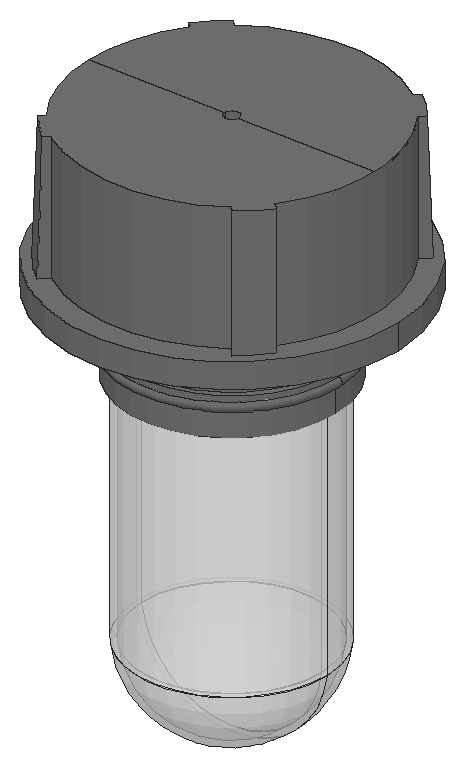
Revit family "Vaportite - Ceiling(VTC) 100w MB 16w LED", category Lighting Fixtures, Revit 2020
Family settings
  Round Connector Dimension = Use Diameter
  Part Type = Normal
  OmniClass Number = 23.80.70.00
  OmniClass Title = Lighting
  Work Plane-Based = No
  Always vertical = Yes
  Cut with Voids When Loaded = No
  Light Source = Yes
  Shared = No
  Room Calculation Point = No
Parameters (values of type "VTC100GL")
  Weight = "4 lbs"
  Wattage Comments = "16W"
  Wattage = 1.6 W
  Warranty = "5 year limited warranty"  # constant formula
  built-in parameter 1150110 = 1 (stored number, unit not read)
  Voltage = 277 V  # constant formula
  VTC100GL = yes
  URL = "https://www.anplighting.com/assets/Uploads/product-attachments/specification-sheets/ANP-Specification-Sheet-RLM-LED-VTC100GL.pdf"
  built-in parameter 1114217 = 1 (stored number, unit not read)
  Tilt Angle = 90.00°
  built-in parameter 1150109 = 1 (stored number, unit not read)
  built-in parameter 1150134 = 12
  built-in parameter 1150113 = 1 (stored number, unit not read)
  Power Factor = 1
  Placement X axis side [instance] = 0' - 0"  # constant formula
  Photometric Web File = "generic.ies"
  Model = "VTC100GL"
  Manufacturer = "ANP Lighting"  # constant formula
  built-in parameter 1150105 = 159.15 (stored number, unit not read)
  Lumens = 2000 lm
  built-in parameter 1150115 = 1 (stored number, unit not read)
  Load Classification = Lighting
  Light Source Height [instance] = 0' - 6 1/4"  # constant formula
  built-in parameter 1150137 = (empty or 0)
  built-in parameter 1150139 = (empty or 0)
  Light Elevation _2 [instance] = 0' - 1 137/256"  # constant formula
  Light Elevation _1 [instance] = 0' - 0 7/8"  # constant formula
  Light Elevation [instance] = 0' - 0"  # constant formula
  Life = "L70 50,000 hours"  # constant formula
  built-in parameter 1150112 = 1 (stored number, unit not read)
  built-in parameter 1150114 = 1 (stored number, unit not read)
  Lamp = "LED"
  built-in parameter 1150132 = 2
  built-in parameter 1150102 = (empty or 0)
  built-in parameter 1150107 = 4000 (stored number, unit not read)
  built-in parameter 1150138 = (empty or 0)
  built-in parameter 1150106 = 1.5915 (stored number, unit not read)
  INSIDE BODY = INSIDE BODY
  HUB = Texture Black
  Fixture Height = 0' - 9 3/4"
  Fixture Diameter = 0' - 5 7/8"
  Efficiency = "65-125 lumens per watt"  # constant formula
  built-in parameter 1150104 = 116.13 (stored number, unit not read)
  Dimming Lamp Color Temperature Shift = <None>
  Dimming = "1%"  # constant formula
  Description = "120-277 Voltage"  # constant formula
  Default Elevation = 0' - 0"
  Construction Material = "Cast aluminum."  # constant formula
  Color Filter = 16777215
  CRI = ">90"  # constant formula
  Bulb = Bulb
  Body Material = body
  Body Colour = "Cast aluminium"  # constant formula
  built-in parameter 1114218 = 1 (stored number, unit not read)
  built-in parameter 1150133 = 10 (stored number, unit not read)
  Apparent Load = 16 VA
Reference planes (in)
  plane 1 "Light Source Axis (F/B)": y = 0
  plane 2: z = 0
  plane 3 "Light Source Axis (L/R)": x = 0
  plane 4 "Light Source Elevation": z = 0
  plane 5: z = 0
  plane 6: x = 0
  plane 7 "Bulb Position": z = -1.53516
  plane 8 "Canopy Position": z = -0.875
  plane 9 "IES": z = -7.78516
Dimensions and locks (in)
  "Light Elevation": plane 5 to plane 2
  "Placement X axis side": plane 6 to plane 3 "Light Source Axis (L/R)"
  "Light Elevation _2": plane 5 to plane 7 "Bulb Position"
  "Light Elevation _1": plane 5 to plane 8 "Canopy Position"
  "Light Source Height": plane 7 "Bulb Position" to plane 9 "IES"
  locked: plane 4 "Light Source Elevation" to plane 2
  aligned and locked: level to plane 2
  aligned and locked: imposter light to plane 9 "IES"
  aligned and locked: plane 6 to imposter light
  aligned and locked: plane 3 "Light Source Axis (L/R)" to nested 1
  aligned and locked: nested 1 to plane 5
Nested families (in)
  nested 1: "VTC100GL" at (0, 0, 0), visible <- "VTC100GL", Light Elevation <- "Light Elevation", Body <- "HUB", Bulb <- "Bulb", VTC100GL <- "VTC100GL", type "VTC100GL"
    with Light Elevation 0' - 0", Bulb Bulb, Body Texture Black
Definition of nested family "VTC100GL"
  Parameters (values of type "VTC100GL")
    VTC100GL [instance] = yes
    Light Elevation [instance] = 0' - 0"
    Default Elevation = 0' - 0"
    Bulb [instance] = none
    Body [instance] = none
  Reference planes (in)
    plane 1 "Center (Front/Back)": y = 0
    plane 2: z = 0
    plane 3 "Center (Left/Right)": x = 0
    plane 4: z = 0
    plane 5: z = -9.75
  Dimensions and locks (in)
    "Light Elevation": plane 4 to plane 2
    aligned and locked: plane 2 to level
    aligned and locked: plane 3 "Center (Left/Right)" to nested 1
    aligned and locked: plane 1 "Center (Front/Back)" to nested 1
    aligned and locked: plane 4 to nested 1
  Nested families (in)
    nested 1: "Family1" at (0, 0, -12.54462), Bulb <- "Bulb", Body <- "Body", visible <- "VTC100GL", VTC100GL <- "VTC100GL", type "Family1"
      with VTC100GL yes, Bulb none, Body none
  Definition of nested family "Family1"
    Parameters (values of type "Family1")
      VTC100GL [instance] = yes
      Default Elevation = 0' - 0"
      Bulb [instance] = none
      Body [instance] = none
    Reference planes (in)
      plane 1 "Center (Front/Back)": y = 0
      plane 2: z = 0
      plane 3 "Center (Left/Right)": x = 0
      plane 4: z = 2.85909
      plane 5: x = 2.9375
      plane 6: x = -2.9375
    Forms (in)
      Revolve 1, solid, material <- "Bulb", visible <- "VTC100GL"
        sketch origin (0, 0, 0) x (1, 0, 0) y (0, 0, 1)
          loop
            line (1.6875, 8.39397) -> (1.5875, 8.39397) -> (1.5875, 4.28393)
            arc (1.5875, 4.28393) -> (1.06256, 3.28257) -> (-0.00013, 2.89661) r 1.56412
            line (-0.00013, 2.89661) -> (-0.00013, 2.79658)
            arc (-0.00013, 2.79658) -> (1.13133, 3.20986) -> (1.6875, 4.27836) r 1.66412
            line (1.6875, 4.27836) -> (1.6875, 8.39397)
          axis (-0.00013, 2.79658) -> (-0.00013, 8.39397)
        angle from 0 to 360
      Revolve 2, solid, material <- "Body", visible <- "VTC100GL"
        sketch origin (0, 0, 0) x (1, 0, 0) y (0, 0, 1)
          loop
            line (0.12517, 12.54462) -> (0.12517, 12.39397) -> (-0.00013, 12.39397) -> (-0.00013, 8.39397) -> (1.61393, 8.39397) -> (1.61393, 8.46519) -> (1.8308, 8.46519) -> (1.8308, 8.90623)
            arc (1.8308, 8.90623) -> (1.92856, 8.96801) -> (1.8938, 9.0783) r 0.09477
            line (1.8938, 9.0783) -> (1.8938, 9.17623) -> (1.79335, 9.17623) -> (1.79335, 9.42623) -> (1.8938, 9.42623) -> (1.8938, 9.53015) -> (2.09282, 9.53015) -> (2.09282, 9.60224) -> (1.68057, 9.60224) -> (1.68057, 9.72014) -> (1.76414, 9.72014) -> (1.76414, 9.86155) -> (2.9375, 9.86155) -> (2.9375, 10.30082) -> (2.76355, 10.30082) -> (2.6852, 12.54462) -> (0.12517, 12.54462)
          axis (-0.00013, 12.54462) -> (-0.00013, 8.39397)
        angle from 0 to 360
      Extrusion 3, void
        sketch origin (0, 0, 0) x (1, 0, 0) y (0, 1, 0)
          loop
            line (1.72577, -2.15852) -> (1.58128, -2.01403)
            arc (1.58128, -2.01403) -> (-0.00004, -2.52908) -> (-1.5814, -2.01414) r 2.68533
            line (-1.5814, -2.01414) -> (-1.72589, -2.15864)
            arc (-1.72589, -2.15864) -> (-0.00004, -2.76369) -> (1.72577, -2.15852) r 2.76369
        from 10.30082 to 12.54462
      Extrusion 4, void
        sketch origin (0, 0, 0) x (0, -1, 0) y (1, 0, 0)
          loop
            line (1.72577, -2.15852) -> (1.58128, -2.01403)
            arc (1.58128, -2.01403) -> (-0.00004, -2.52908) -> (-1.5814, -2.01414) r 2.68533
            line (-1.5814, -2.01414) -> (-1.72589, -2.15864)
            arc (-1.72589, -2.15864) -> (-0.00004, -2.76369) -> (1.72577, -2.15852) r 2.76369
        from 10.30082 to 12.54462
      Extrusion 5, void
        sketch origin (0, 0, 0) x (0, 1, 0) y (-1, 0, 0)
          loop
            line (1.72577, -2.15852) -> (1.58128, -2.01403)
            arc (1.58128, -2.01403) -> (-0.00004, -2.52908) -> (-1.5814, -2.01414) r 2.68533
            line (-1.5814, -2.01414) -> (-1.72589, -2.15864)
            arc (-1.72589, -2.15864) -> (-0.00004, -2.76369) -> (1.72577, -2.15852) r 2.76369
        from 10.30082 to 12.54462
      Extrusion 6, void
        sketch origin (0, 0, 0) x (-1, 0, 0) y (0, -1, 0)
          loop
            line (1.72577, -2.15852) -> (1.58128, -2.01403)
            arc (1.58128, -2.01403) -> (-0.00004, -2.52908) -> (-1.5814, -2.01414) r 2.68533
            line (-1.5814, -2.01414) -> (-1.72589, -2.15864)
            arc (-1.72589, -2.15864) -> (-0.00004, -2.76369) -> (1.72577, -2.15852) r 2.76369
        from 10.30082 to 12.54462
    Cuts and joins
      Extrusion 3, Extrusion 4, Extrusion 5, Extrusion 6 cuts Revolve 2
    Dimensions and locks (in)
      locked: cut or joined group of Revolve 2, Extrusion 3, Extrusion 4, Extrusion 5, Extrusion 6 to plane 4 at 7.00245
      aligned and locked: plane 2 to level
